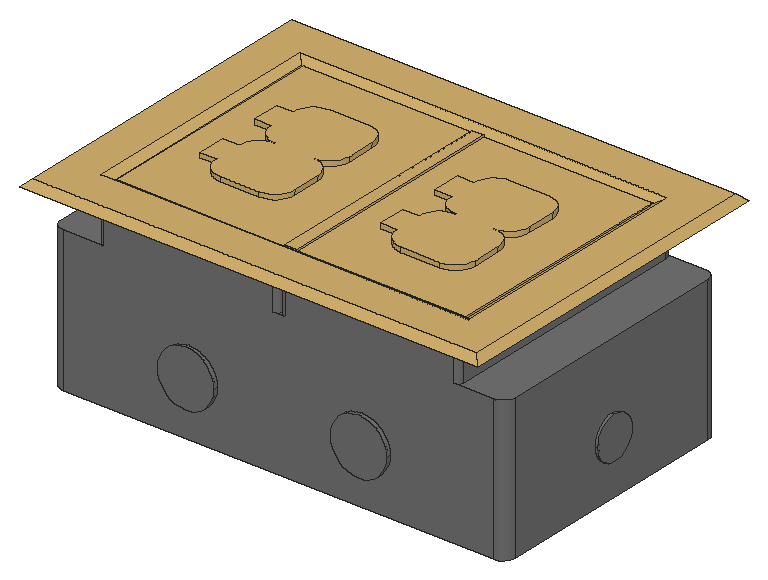
Revit family "Electrical_Equipment-Floor_Box-Hubbell_Wiring-2_Gang-Rectangular_Cast_Iron-B4233", category Electrical Fixtures, host Face, Revit 2015
Parameters (values of type "B423341 - 2 Gang - Brass Collar")
  Unit Height [instance] = 0' - 3 3/8"  # constant formula
  URL = "http://www.hubbell-wiring.com/"
  Right Cover Type [instance] = Covers : S3825 - Duplex Flap - Brass
  Product data url = "https://bimobject.com/hubbellwiring/product/systemone-b4233"
  Product Page URL = "http://ecatalog.hubbell-wiring.com/productinformation/viewcatalog.aspx?Dest=hubbell-wiring.com/press/catalog/L.pdf&Page=4"
  Product Documentation Link = "http://ecatalog.hubbell-wiring.com/press/catalog/L-12.pdf"
  Model = "B423341"
  Manufacturer = "Hubbell-Wiring"  # constant formula
  Left Cover Type [instance] = Covers : S3825 - Duplex Flap - Brass
  Floor Box Type = Cast Iron Concrete Floor Box : B423341 - Deep Concrete Floor Box
  Description = "Flush Rectangular Cast Iron Concrete Floor Box"  # constant formula
  Default Elevation = 0' - 0"
  Cover Accessory Type [instance] = Carpet Flange : SB3084 - Carpet Flange - Brass
  Construction Note [instance] = "Match Collar Material to Covers"  # constant formula
  Conduit Connector_6 Description = "Conduit 0.75in. Connection"
  Conduit Connector_5 Description = "Conduit 1.0in. Connection"
  Conduit Connector_4 Description = "Conduit 1.0in. Connection"
  Conduit Connector_3 Description = "Conduit 0.75in. Connection"
  Conduit Connector_2 Description = "Conduit 1.0in. Connection"
  Conduit Connector_1 Description = "Conduit 1.0in. Connection"
  Conduit Connector 2 Radius = 0' - 0 3/8"
  Conduit Connector 1 Radius = 0' - 0 1/2"
  Collar Material = Metal-Hubbell-Brass
  Box Material = Metal-Hubbell-Cast Iron
  Assembly Code = "D5020115"
Types (3): name | Right Cover Type | Model | Left Cover Type | Floor Box Type | Cover Accessory Type | Conduit Connector_5 Description | Conduit Connector_4 Description | Conduit Connector_2 Description | Conduit Connector_1 Description | Conduit Connector 1 Radius | Collar Material
  B4233 - 2 Gang - Brass Collar | Covers : S3825 - Duplex Flap - Brass | "B4233" | Covers : S3825 - Duplex Flap - Brass | Cast Iron Concrete Floor Box : B4233 - Deep Concrete Floor Box | Carpet Flange : SB3084 - Carpet Flange - Brass | "Conduit 0.75in. Connection" | "Conduit 0.75in. Connection" | "Conduit 0.75in. Connection" | "Conduit 0.75in. Connection" | 0' - 0 3/8" | Metal-Hubbell-Brass
  BA4233 - 2 Gang - Aluminum Collar | Covers : SA3825 - Duplex Flap - Aluminum | "BA4233" | Covers : SA3825 - Duplex Flap - Aluminum | Cast Iron Concrete Floor Box : BA4233 - Deep Concrete Floor Box | Carpet Flange : SA3084 - Carpet Flange - Aluminum | "Conduit 0.75in. Connection" | "Conduit 0.75in. Connection" | "Conduit 0.75in. Connection" | "Conduit 0.75in. Connection" | 0' - 0 3/8" | Metal-Hubbell-Aluminum
  B423341 - 2 Gang - Brass Collar | Covers : S3825 - Duplex Flap - Brass | "B423341" | Covers : S3825 - Duplex Flap - Brass | Cast Iron Concrete Floor Box : B423341 - Deep Concrete Floor Box | Carpet Flange : SB3084 - Carpet Flange - Brass | "Conduit 1.0in. Connection" | "Conduit 1.0in. Connection" | "Conduit 1.0in. Connection" | "Conduit 1.0in. Connection" | 0' - 0 1/2" | Metal-Hubbell-Brass
Reference planes (in)
  plane 1 "Center (Front/Back)": y = 0
  plane 2: z = 0
  plane 3 "Center (Left/Right)": x = 0
  plane 4: y = -2.078
  plane 5: y = 2.078
  plane 6: x = -3.09543
  plane 7: x = 3.10096
Forms (in)
  Extrusion 1, void, detail levels fine
    sketch origin (0, 0, 0) x (1, 0, 0) y (0, 1, 0)
      loop
        line (-3.09543, 2.078) -> (-3.09543, -2.078) -> (3.10096, -2.078) -> (3.10096, 2.078) -> (-3.09543, 2.078)
    from 0 to -3.14844
Lines and regions (in)
  symbolic lines
    curve 1: line (-4.06445, -3, 0) -> (4.06445, -3, 0)
    curve 2: line (-4.06445, 3, 0) -> (-4.06445, -3, 0)
    curve 3: line (4.06445, 3, 0) -> (-4.06445, 3, 0)
    curve 4: line (4.06445, -3, 0) -> (4.06445, 3, 0)
Dimensions and locks (in)
  locked: host face to nested 3 at 0.04297
  plane 5 to plane 1 "Center (Front/Back)" to plane 4 = 0' - 2.078" locked, 0' - 2.078" locked
  plane 6 to plane 3 "Center (Left/Right)" to plane 7 = 0' - 3.09543" locked, 0' - 3.10096" locked
  Extrusion 1 to plane 3 "Center (Left/Right)" = 0' - 3.09543"
  aligned and locked: plane 2 to host face
  aligned and locked: level to host face
  aligned: level to Extrusion 1
  aligned and locked: plane 1 "Center (Front/Back)" to nested 1
  aligned: plane 2 to nested 1  (x5)
  aligned: Extrusion 1 to nested 1  (x8)
  aligned and locked: plane 1 "Center (Front/Back)" to nested 2
  aligned and locked: plane 3 "Center (Left/Right)" to nested 2
  aligned and locked: plane 3 "Center (Left/Right)" to nested 1
  aligned: nested 2 to plane 2  (x2)
  aligned: nested 2 to Extrusion 1
  aligned: nested 1 to Extrusion 1
  aligned: Extrusion 1 to nested 2
  aligned and locked: nested 2 to plane 2
  aligned and locked: host face to Extrusion 1
  aligned: plane 3 "Center (Left/Right)" to nested 3
  aligned and locked: plane 1 "Center (Front/Back)" to nested 3
  aligned and locked: Extrusion 1 to plane 5
  aligned and locked: Extrusion 1 to plane 4
  aligned and locked: plane 6 to Extrusion 1
  aligned and locked: nested 1 to plane 2
  aligned and locked: nested 3 to nested 1
  aligned and locked: plane 1 "Center (Front/Back)" to nested 4
  aligned and locked: nested 4 to nested 1
  aligned and locked: nested 3 to nested 4
  aligned and locked: Extrusion 1 sketch curve to plane 7
  aligned and locked: curve 1 to nested 2
  aligned and locked: curve 2 to nested 2
  aligned and locked: curve 3 to nested 2
  aligned and locked: curve 4 to nested 2
Nested families (in)
  nested 1: "Cast Iron Concrete Floor Box" at (0, 0, -0.0625), Unit Height <- "Unit Height", type <- "Floor Box Type", type "B423341 - Deep Concrete Floor Box"
    with Unit Height 0' - 3 3/8"
  nested 2: "Carpet Flange" at (0, 0, 0), type <- "Cover Accessory Type", type "SB3084 - Carpet Flange - Brass"
  nested 3: "Covers" at (-1.59787, 0, -0.04297), type <- "Left Cover Type", type "S3825 - Duplex Flap - Brass"
  nested 4: "Covers" at (1.60446, 0, -0.04297), type <- "Right Cover Type", type "S3825 - Duplex Flap - Brass"
Connectors (in)
  cabletrayconduit at (-1.59787, -2.4075, -2.4375), diameter 1, driven by "Conduit Connector 1 Radius", driven by "Conduit Connector_1 Description"
    settings: on nested 1, index 1, connector width 1' - 0", connector height 1' - 0", connector angle 0.00°, system type 32, placement type 0, profile type 0, connector reference index -1, is primary connector yes, connector utility param no, connector description "Conduit 1.0in. Connection"
  cabletrayconduit at (1.47287, -2.4075, -2.4375), diameter 1, driven by "Conduit Connector 1 Radius", driven by "Conduit Connector_2 Description"
    settings: on nested 1, index 2, connector width 1' - 0", connector height 1' - 0", connector angle 0.00°, system type 32, placement type 0, profile type 0, connector reference index -1, is primary connector no, connector utility param no, connector description "Conduit 1.0in. Connection"
  cabletrayconduit at (4.0925, 0.00314, -2.4375), diameter 0.75, driven by "Conduit Connector 2 Radius", driven by "Conduit Connector_3 Description"
    settings: on nested 1, index 3, connector width 1' - 0", connector height 1' - 0", connector angle 0.00°, system type 32, placement type 0, profile type 0, connector reference index -1, is primary connector no, connector utility param no, connector description "Conduit 0.75in. Connection"
  cabletrayconduit at (1.47287, 2.4075, -2.4375), diameter 1, driven by "Conduit Connector 1 Radius", driven by "Conduit Connector_4 Description"
    settings: on nested 1, index 4, connector width 1' - 0", connector height 1' - 0", connector angle 0.00°, system type 32, placement type 0, profile type 0, connector reference index -1, is primary connector no, connector utility param no, connector description "Conduit 1.0in. Connection"
  cabletrayconduit at (-1.59787, 2.4075, -2.4375), diameter 1, driven by "Conduit Connector 1 Radius", driven by "Conduit Connector_5 Description"
    settings: on nested 1, index 5, connector width 1' - 0", connector height 1' - 0", connector angle 0.00°, system type 32, placement type 0, profile type 0, connector reference index -1, is primary connector no, connector utility param no, connector description "Conduit 1.0in. Connection"
  cabletrayconduit at (-4.0925, 0.00314, -2.4375), diameter 0.75, driven by "Conduit Connector 2 Radius", driven by "Conduit Connector_6 Description"
    settings: on nested 1, index 6, connector width 1' - 0", connector height 1' - 0", connector angle 0.00°, system type 32, placement type 0, profile type 0, connector reference index -1, is primary connector no, connector utility param no, connector description "Conduit 0.75in. Connection"
Definition of nested family "Cast Iron Concrete Floor Box"
  Parameters
    Unit Height [instance] = 0' - 3 3/8"  # constant formula
    Cover Material = none
    Conduit Connector Offset = 0' - 1"  # constant formula
    Conduit Connector 2 Radius = 0' - 0 3/8"
    Conduit Connector 1 Radius = 0' - 0 3/8"
    Can Material = none
    Assembly Code = ""
  Reference planes (in)
    plane 1 "Center (Front/Back)": y = 0
    plane 2: z = 0
    plane 3 "Center (Left/Right)": x = 0
    plane 4: z = -3.375
    plane 5: z = -2.375
    plane 6: z = -0.82416
    plane 7: x = -4.03
    plane 8: x = 4.03
    plane 9: x = -4.0925
    plane 10: x = 4.0925
    plane 11: x = -1.59787
    plane 12: x = 1.60446
  Forms (in)
    Extrusion 1, solid, material <- "Can Material"
      sketch origin (-1.59787, 0, 0) x (1, 0, 0) y (0, 0, -1)
        loop
          arc (-0.375, 2.375) -> (-0.26517, 2.10983) -> (0, 2) r 0.375
          arc (0, 2) -> (0.26517, 2.10983) -> (0.375, 2.375) r 0.375
          arc (0.375, 2.375) -> (0.26517, 2.64017) -> (0, 2.75) r 0.375
          arc (0, 2.75) -> (-0.26517, 2.64017) -> (-0.375, 2.375) r 0.375
      from -2.13518 to -2.4075
    Extrusion 2, solid, material <- "Can Material"
      sketch origin (-1.59787, 0, 0) x (1, 0, 0) y (0, 0, 1)
        loop
          arc (-0.375, -2.375) -> (-0.26517, -2.64017) -> (0, -2.75) r 0.375
          arc (0, -2.75) -> (0.26517, -2.64017) -> (0.375, -2.375) r 0.375
          arc (0.375, -2.375) -> (0.26517, -2.10983) -> (0, -2) r 0.375
          arc (0, -2) -> (-0.26517, -2.10983) -> (-0.375, -2.375) r 0.375
      from -2.345 to -2.4075
    Extrusion 3, solid, material <- "Can Material"
      sketch origin (0.07413, -0.00392, 0) x (0, 1, 0) y (0, 0, -1)
        loop
          arc (-0.625, 2.375) -> (-0.51517, 2.10983) -> (-0.25, 2) r 0.375
          arc (-0.25, 2) -> (0.01517, 2.10983) -> (0.125, 2.375) r 0.375
          arc (0.125, 2.375) -> (0.01517, 2.64017) -> (-0.25, 2.75) r 0.375
          arc (-0.25, 2.75) -> (-0.51517, 2.64017) -> (-0.625, 2.375) r 0.375
      from -2.26893 to -2.33143
    Extrusion 4, solid, material <- "Can Material"
      sketch origin (0, 0, 0) x (0, 1, 0) y (0, 0, 1)
        loop
          arc (-0.375, -2.375) -> (-0.26517, -2.64017) -> (0, -2.75) r 0.375
          arc (0, -2.75) -> (0.26517, -2.64017) -> (0.375, -2.375) r 0.375
          arc (0.375, -2.375) -> (0.26517, -2.10983) -> (0, -2) r 0.375
          arc (0, -2) -> (-0.26517, -2.10983) -> (-0.375, -2.375) r 0.375
      from -4.03 to -2.40944
    Extrusion 5, solid, material <- "Can Material"
      sketch origin (0.92025, 0.30752, 7.9375) x (1, 0, 0) y (0, 1, 0)
        loop
          arc (-4.74043, 2.03748) -> (-4.8888, 1.97602) -> (-4.95025, 1.82766) r 0.20982
          line (-4.95025, 1.82766) -> (-4.95025, -2.43885)
          arc (-4.95025, -2.43885) -> (-4.88955, -2.5854) -> (-4.74301, -2.6461) r 0.20725
          line (-4.74301, -2.6461) -> (2.89336, -2.6461)
          arc (2.89336, -2.6461) -> (3.04637, -2.58272) -> (3.10975, -2.42971) r 0.21639
          line (3.10975, -2.42971) -> (3.10975, 1.83391)
          arc (3.10975, 1.83391) -> (3.05013, 1.97785) -> (2.90618, 2.03748) r 0.20357
          line (2.90618, 2.03748) -> (-4.74043, 2.03748)
      from -11.3125 to -8.76166
    Extrusion 6, solid, material <- "Cover Material"
      sketch origin (-1.59787, 0, 0.22509) x (1, 0, 0) y (0, 1, 0)
        loop
          line (-1.4965, 2.078) -> (-1.4965, -2.078) -> (1.4965, -2.078) -> (1.4965, 2.078) -> (-1.4965, 2.078)
        loop
          arc (-1.49742, 2.345) -> (-1.57311, 2.31365) -> (-1.60446, 2.23796) r 0.10704
          line (-1.60446, 2.23796) -> (-1.60446, -2.23167)
          arc (-1.60446, -2.23167) -> (-1.57315, -2.30726) -> (-1.49756, -2.33857) r 0.1069
          line (-1.49756, -2.33857) -> (1.49823, -2.33857)
          arc (1.49823, -2.33857) -> (1.56869, -2.30939) -> (1.59787, -2.23893) r 0.09964
          line (1.59787, -2.23893) -> (1.59787, 2.24543)
          arc (1.59787, 2.24543) -> (1.56871, 2.31584) -> (1.4983, 2.345) r 0.09957
          line (1.4983, 2.345) -> (-1.49742, 2.345)
      from -0.39425 to -0.22509
    Extrusion 7, solid, material <- "Cover Material"
      sketch origin (-1.59787, 0, 0) x (1, 0, 0) y (0, 1, 0)
        loop
          arc (-1.49742, 2.345) -> (-1.57311, 2.31365) -> (-1.60446, 2.23796) r 0.10704
          line (-1.60446, 2.23796) -> (-1.60446, -2.23167)
          arc (-1.60446, -2.23167) -> (-1.57315, -2.30726) -> (-1.49756, -2.33857) r 0.1069
          line (-1.49756, -2.33857) -> (1.49823, -2.33857)
          arc (1.49823, -2.33857) -> (1.56869, -2.30939) -> (1.59787, -2.23893) r 0.09964
          line (1.59787, -2.23893) -> (1.59787, 2.24543)
          arc (1.59787, 2.24543) -> (1.56871, 2.31584) -> (1.4983, 2.345) r 0.09957
          line (1.4983, 2.345) -> (-1.49742, 2.345)
        loop
          line (-1.4965, 2.078) -> (-1.4965, -2.078) -> (1.4965, -2.078) -> (1.4965, 2.078) -> (-1.4965, 2.078)
      from 0 to 0.0625
    Extrusion 8, solid, material <- "Can Material"
      sketch origin (1.60446, 0, 7.9375) x (1, 0, 0) y (0, 1, 0)
        loop
          line (-1.4965, 2.078) -> (-1.4965, -2.078) -> (1.4965, -2.078) -> (1.4965, 2.078) -> (-1.4965, 2.078)
        loop
          line (-1.59616, 2.23796) -> (-1.59616, -2.23167)
          arc (-1.59616, -2.23167) -> (-1.56485, -2.30726) -> (-1.48926, -2.33857) r 0.1069
          line (-1.48926, -2.33857) -> (1.49823, -2.33857)
          arc (1.49823, -2.33857) -> (1.56869, -2.30939) -> (1.59787, -2.23893) r 0.09964
          line (1.59787, -2.23893) -> (1.59787, 2.24543)
          arc (1.59787, 2.24543) -> (1.56871, 2.31584) -> (1.4983, 2.345) r 0.09957
          line (1.4983, 2.345) -> (-1.48911, 2.345)
          arc (-1.48911, 2.345) -> (-1.5648, 2.31365) -> (-1.59616, 2.23796) r 0.10704
      from -8.76166 to -8.10666
    Extrusion 9, solid, material <- "Can Material"
      sketch origin (-0.00314, 0.00314, 0) x (0, 1, 0) y (0, 0, 1)
        loop
          arc (-0.375, -2.375) -> (-0.26517, -2.64017) -> (0, -2.75) r 0.375
          arc (0, -2.75) -> (0.26517, -2.64017) -> (0.375, -2.375) r 0.375
          arc (0.375, -2.375) -> (0.26517, -2.10983) -> (0, -2) r 0.375
          arc (0, -2) -> (-0.26517, -2.10983) -> (-0.375, -2.375) r 0.375
      from -4.02686 to -4.08936
    Extrusion 10, solid, material <- "Can Material"
      sketch origin (0.00314, 0.00314, 0) x (0, 1, 0) y (0, 0, -1)
        loop
          arc (-0.375, 2.375) -> (-0.26517, 2.10983) -> (0, 2) r 0.375
          arc (0, 2) -> (0.26517, 2.10983) -> (0.375, 2.375) r 0.375
          arc (0.375, 2.375) -> (0.26517, 2.64017) -> (0, 2.75) r 0.375
          arc (0, 2.75) -> (-0.26517, 2.64017) -> (-0.375, 2.375) r 0.375
      from -4.02686 to -4.08936
    Extrusion 11, solid, material <- "Can Material"
      sketch origin (1.59787, 0, 0) x (-1, 0, 0) y (0, 0, 1)
        loop
          arc (-0.375, -2.375) -> (-0.26517, -2.64017) -> (0, -2.75) r 0.375
          arc (0, -2.75) -> (0.26517, -2.64017) -> (0.375, -2.375) r 0.375
          arc (0.375, -2.375) -> (0.26517, -2.10983) -> (0, -2) r 0.375
          arc (0, -2) -> (-0.26517, -2.10983) -> (-0.375, -2.375) r 0.375
      from -2.13518 to -2.4075
    Extrusion 12, solid, material <- "Can Material"
      sketch origin (1.59787, 0, 0) x (-1, 0, 0) y (0, 0, -1)
        loop
          arc (-0.375, 2.375) -> (-0.26517, 2.10983) -> (0, 2) r 0.375
          arc (0, 2) -> (0.26517, 2.10983) -> (0.375, 2.375) r 0.375
          arc (0.375, 2.375) -> (0.26517, 2.64017) -> (0, 2.75) r 0.375
          arc (0, 2.75) -> (-0.26517, 2.64017) -> (-0.375, 2.375) r 0.375
      from -2.345 to -2.4075
    Extrusion 13, solid, material <- "Can Material"
      sketch origin (-1.60446, 0, 7.9375) x (-1, 0, 0) y (0, -1, 0)
        loop
          line (-1.4965, -2.078) -> (1.4965, -2.078) -> (1.4965, 2.078) -> (-1.4965, 2.078) -> (-1.4965, -2.078)
        loop
          arc (-1.59616, -2.23796) -> (-1.5648, -2.31365) -> (-1.48911, -2.345) r 0.10704
          line (-1.48911, -2.345) -> (1.4983, -2.345)
          arc (1.4983, -2.345) -> (1.56871, -2.31584) -> (1.59787, -2.24543) r 0.09957
          line (1.59787, -2.24543) -> (1.59787, 2.23893)
          arc (1.59787, 2.23893) -> (1.56869, 2.30939) -> (1.49823, 2.33857) r 0.09964
          line (1.49823, 2.33857) -> (-1.48926, 2.33857)
          arc (-1.48926, 2.33857) -> (-1.56485, 2.30726) -> (-1.59616, 2.23167) r 0.1069
          line (-1.59616, 2.23167) -> (-1.59616, -2.23796)
      from -8.76166 to -8.10666
    Extrusion 14, solid, material <- "Cover Material"
      sketch origin (1.60446, 0, 0.22509) x (1, 0, 0) y (0, 1, 0)
        loop
          line (-1.4965, 2.078) -> (-1.4965, -2.078) -> (1.4965, -2.078) -> (1.4965, 2.078) -> (-1.4965, 2.078)
        loop
          arc (-1.49742, 2.345) -> (-1.57311, 2.31365) -> (-1.60446, 2.23796) r 0.10704
          line (-1.60446, 2.23796) -> (-1.60446, -2.23167)
          arc (-1.60446, -2.23167) -> (-1.57315, -2.30726) -> (-1.49756, -2.33857) r 0.1069
          line (-1.49756, -2.33857) -> (1.49823, -2.33857)
          arc (1.49823, -2.33857) -> (1.56869, -2.30939) -> (1.59787, -2.23893) r 0.09964
          line (1.59787, -2.23893) -> (1.59787, 2.24543)
          arc (1.59787, 2.24543) -> (1.56871, 2.31584) -> (1.4983, 2.345) r 0.09957
          line (1.4983, 2.345) -> (-1.49742, 2.345)
      from -0.39425 to -0.22509
    Extrusion 15, solid, material <- "Cover Material"
      sketch origin (1.60446, 0, 0) x (1, 0, 0) y (0, 1, 0)
        loop
          arc (-1.49742, 2.345) -> (-1.57311, 2.31365) -> (-1.60446, 2.23796) r 0.10704
          line (-1.60446, 2.23796) -> (-1.60446, -2.23167)
          arc (-1.60446, -2.23167) -> (-1.57315, -2.30726) -> (-1.49756, -2.33857) r 0.1069
          line (-1.49756, -2.33857) -> (1.49823, -2.33857)
          arc (1.49823, -2.33857) -> (1.56869, -2.30939) -> (1.59787, -2.23893) r 0.09964
          line (1.59787, -2.23893) -> (1.59787, 2.24543)
          arc (1.59787, 2.24543) -> (1.56871, 2.31584) -> (1.4983, 2.345) r 0.09957
          line (1.4983, 2.345) -> (-1.49742, 2.345)
        loop
          line (-1.4965, 2.078) -> (-1.4965, -2.078) -> (1.4965, -2.078) -> (1.4965, 2.078) -> (-1.4965, 2.078)
      from 0 to 0.0625
    Extrusion 16, solid, material <- "Cover Material"
      sketch origin (0, 0, 0) x (1, 0, 0) y (0, 1, 0)
        loop
          line (-0.10796, 2.078) -> (-0.10796, -2.078) -> (0.10796, -2.078) -> (0.10796, 2.078) -> (-0.10796, 2.078)
      from 0.0625 to 0.125
  Cuts and joins
    joined: Extrusion 1, Extrusion 2, Extrusion 3, Extrusion 4, Extrusion 5, Extrusion 8, Extrusion 9, Extrusion 10, Extrusion 11, Extrusion 12, Extrusion 13
    joined: Extrusion 6, Extrusion 7, Extrusion 16
    joined: Extrusion 14, Extrusion 15
  Dimensions and locks (in)
    "Conduit Connector Offset": plane 5 to plane 4
    "Unit Height": level to plane 4
    locked: plane 9 to plane 7 at 0.0625
    plane 7 to plane 8 = 0' - 8.06"
    equal spacing: plane 7, plane 3 "Center (Left/Right)", plane 8
    locked: plane 8 to plane 10 at 0.0625
    "Conduit Connector 1 Radius": radius of Extrusion 1 sketch curve
    "Conduit Connector 1 Radius": radius of Extrusion 2 sketch curve
    "Conduit Connector 1 Radius": radius of Extrusion 3 sketch curve
    "Conduit Connector 1 Radius": radius of Extrusion 4 sketch curve
    "Conduit Connector 2 Radius": radius of Extrusion 9 sketch curve
    "Conduit Connector 2 Radius": radius of Extrusion 10 sketch curve
    "Conduit Connector 1 Radius": radius of Extrusion 11 sketch curve
    "Conduit Connector 1 Radius": radius of Extrusion 12 sketch curve
    aligned and locked: plane 2 to level
    aligned: cut or joined group 1 (Extrusion 1, Extrusion 2, Extrusion 3, Extrusion 4, Extrusion 5, Extrusion 8, Extrusion 9, Extrusion 10, Extrusion 11, Extrusion 12, Extrusion 13) to cut or joined group 1  (x5)
    aligned: Extrusion 5 to cut or joined group 1
    aligned: plane 4 to Extrusion 5
    aligned: cut or joined group 1 to plane 4  (x5)
    aligned and locked: cut or joined group 1 to plane 4
    aligned: plane 5 to Extrusion 5
    aligned: plane 5 to cut or joined group 1
    aligned and locked: cut or joined group 1 to cut or joined group 1
    aligned and locked: plane 8 to Extrusion 5 sketch curve
    aligned and locked: plane 7 to Extrusion 5 sketch curve
    aligned and locked: plane 7 to Extrusion 9
    aligned and locked: Extrusion 9 to plane 9
    aligned and locked: plane 8 to Extrusion 10
    aligned and locked: Extrusion 10 to plane 10
    aligned and locked: plane 11 to cut or joined group 1  (x2)
  Automatic sketch dimensions
    Extrusion 1 sketch curve to Extrusion 1 sketch curve = 0' - 0"
    Extrusion 1 sketch curve to plane 5 = 0' - 0"
    plane 11 to Extrusion 1 sketch curve = 0' - 0"
    Extrusion 2 sketch curve to Extrusion 2 sketch curve = 0' - 0"
    Extrusion 2 sketch curve to plane 5 = 0' - 0"
    plane 11 to Extrusion 2 sketch curve = 0' - 0"
    Extrusion 3 sketch curve to Extrusion 3 sketch curve = 0' - 0"
    Extrusion 3 sketch curve to plane 5 = 0' - 0"
    plane 1 "Center (Front/Back)" to Extrusion 3 sketch curve = 0' - 0 161/256"
    Extrusion 4 sketch curve to Extrusion 4 sketch curve = 0' - 0"
    Extrusion 4 sketch curve to plane 5 = 0' - 0"
    Extrusion 4 sketch curve to plane 1 "Center (Front/Back)" = 0' - 0"
    plane 7 to Extrusion 5 sketch curve = 0' - 0.20725"
    plane 7 to Extrusion 5 sketch curve = 0' - 0.20982"
    plane 8 to Extrusion 5 sketch curve = 0' - 0.21639"
    plane 8 to Extrusion 5 sketch curve = 0' - 0.20357"
    plane 1 "Center (Front/Back)" to Extrusion 5 sketch curve = 0' - 2.33857"
    Extrusion 5 sketch curve to plane 1 "Center (Front/Back)" = 0' - 2.13518"
    Extrusion 6 sketch curve to plane 3 "Center (Left/Right)" = 0' - 0"
    Extrusion 6 sketch curve to plane 3 "Center (Left/Right)" = 0' - 0.09957"
    Extrusion 6 sketch curve to plane 3 "Center (Left/Right)" = 0' - 0.09964"
    Extrusion 6 sketch curve to plane 3 "Center (Left/Right)" = 0' - 0.10137"
    plane 7 to Extrusion 6 sketch curve = 0' - 0.93563"
    Extrusion 6 sketch curve to Extrusion 6 sketch curve = 0' - 0.00092"
    Extrusion 6 sketch curve to Extrusion 6 sketch curve = 0' - 0.00106"
    Extrusion 6 sketch curve to Extrusion 6 sketch curve = 0' - 0.1069"
    plane 1 "Center (Front/Back)" to Extrusion 6 sketch curve = 0' - 2.33857"
    Extrusion 6 sketch curve to Extrusion 6 sketch curve = 0' - 0.16093"
    Extrusion 6 sketch curve to plane 1 "Center (Front/Back)" = 0' - 2.078"
    Extrusion 6 sketch curve to Extrusion 6 sketch curve = 0' - 0.15996"
    Extrusion 7 sketch curve to plane 3 "Center (Left/Right)" = 0' - 0"
    Extrusion 7 sketch curve to plane 3 "Center (Left/Right)" = 0' - 0.09957"
    Extrusion 7 sketch curve to plane 3 "Center (Left/Right)" = 0' - 0.09964"
    Extrusion 7 sketch curve to plane 3 "Center (Left/Right)" = 0' - 0.10137"
    plane 7 to Extrusion 7 sketch curve = 0' - 0.93563"
    Extrusion 7 sketch curve to Extrusion 7 sketch curve = 0' - 0.00092"
    Extrusion 7 sketch curve to Extrusion 7 sketch curve = 0' - 0.00106"
    Extrusion 7 sketch curve to Extrusion 7 sketch curve = 0' - 0.10704"
    plane 1 "Center (Front/Back)" to Extrusion 7 sketch curve = 0' - 2.33857"
    Extrusion 7 sketch curve to Extrusion 7 sketch curve = 0' - 0.15367"
    Extrusion 7 sketch curve to plane 1 "Center (Front/Back)" = 0' - 2.078"
    Extrusion 7 sketch curve to Extrusion 7 sketch curve = 0' - 0.15996"
    plane 3 "Center (Left/Right)" to Extrusion 8 sketch curve = 0' - 0.0083"
    plane 3 "Center (Left/Right)" to Extrusion 8 sketch curve = 0' - 0.10796"
    plane 3 "Center (Left/Right)" to Extrusion 8 sketch curve = 0' - 0.1152"
    Extrusion 8 sketch curve to Extrusion 8 sketch curve = 0' - 0.10704"
    plane 8 to Extrusion 8 sketch curve = 0' - 0.92904"
    Extrusion 8 sketch curve to Extrusion 8 sketch curve = 0' - 0.00173"
    Extrusion 8 sketch curve to Extrusion 8 sketch curve = 0' - 0.0018"
    Extrusion 8 sketch curve to Extrusion 8 sketch curve = 0' - 0.09957"
    plane 1 "Center (Front/Back)" to Extrusion 8 sketch curve = 0' - 2.33857"
    Extrusion 8 sketch curve to Extrusion 8 sketch curve = 0' - 0.15367"
    Extrusion 8 sketch curve to plane 1 "Center (Front/Back)" = 0' - 2.078"
    Extrusion 8 sketch curve to Extrusion 8 sketch curve = 0' - 0.15996"
    Extrusion 9 sketch curve to Extrusion 9 sketch curve = 0' - 0"
    Extrusion 9 sketch curve to plane 5 = 0' - 0"
    plane 1 "Center (Front/Back)" to Extrusion 9 sketch curve = 0' - 0.37186"
    Extrusion 10 sketch curve to Extrusion 10 sketch curve = 0' - 0"
    Extrusion 10 sketch curve to plane 5 = 0' - 0"
    plane 1 "Center (Front/Back)" to Extrusion 10 sketch curve = 0' - 0.37186"
    Extrusion 11 sketch curve to Extrusion 11 sketch curve = 0' - 0"
    Extrusion 11 sketch curve to plane 5 = 0' - 0"
    Extrusion 11 sketch curve to plane 12 = 0' - 0.36841"
    Extrusion 12 sketch curve to Extrusion 12 sketch curve = 0' - 0"
    Extrusion 12 sketch curve to plane 5 = 0' - 0"
    Extrusion 12 sketch curve to plane 12 = 0' - 0.36841"
    Extrusion 13 sketch curve to plane 3 "Center (Left/Right)" = 0' - 0.0083"
    Extrusion 13 sketch curve to plane 3 "Center (Left/Right)" = 0' - 0.10796"
    Extrusion 13 sketch curve to plane 3 "Center (Left/Right)" = 0' - 0.1152"
    Extrusion 13 sketch curve to Extrusion 13 sketch curve = 0' - 0.10704"
    plane 7 to Extrusion 13 sketch curve = 0' - 0.92904"
    Extrusion 13 sketch curve to Extrusion 13 sketch curve = 0' - 0.00173"
    Extrusion 13 sketch curve to Extrusion 13 sketch curve = 0' - 0.0018"
    Extrusion 13 sketch curve to Extrusion 13 sketch curve = 0' - 0.09957"
    Extrusion 13 sketch curve to plane 1 "Center (Front/Back)" = 0' - 2.345"
    Extrusion 13 sketch curve to Extrusion 13 sketch curve = 0' - 0.16743"
    plane 1 "Center (Front/Back)" to Extrusion 13 sketch curve = 0' - 2.078"
    Extrusion 13 sketch curve to Extrusion 13 sketch curve = 0' - 0.15367"
    Extrusion 14 sketch curve to plane 3 "Center (Left/Right)" = 0' - 0"
    plane 3 "Center (Left/Right)" to Extrusion 14 sketch curve = 0' - 0.1069"
    plane 3 "Center (Left/Right)" to Extrusion 14 sketch curve = 0' - 0.10704"
    plane 3 "Center (Left/Right)" to Extrusion 14 sketch curve = 0' - 0.10796"
    plane 8 to Extrusion 14 sketch curve = 0' - 0.92904"
    Extrusion 14 sketch curve to Extrusion 14 sketch curve = 0' - 0.00173"
    Extrusion 14 sketch curve to Extrusion 14 sketch curve = 0' - 0.0018"
    Extrusion 14 sketch curve to Extrusion 14 sketch curve = 0' - 0.09964"
    plane 1 "Center (Front/Back)" to Extrusion 14 sketch curve = 0' - 2.33857"
    Extrusion 14 sketch curve to Extrusion 14 sketch curve = 0' - 0.16093"
    Extrusion 14 sketch curve to plane 1 "Center (Front/Back)" = 0' - 2.078"
    Extrusion 14 sketch curve to Extrusion 14 sketch curve = 0' - 0.15996"
    Extrusion 15 sketch curve to plane 3 "Center (Left/Right)" = 0' - 0"
    Extrusion 15 sketch curve to Extrusion 15 sketch curve = 0' - 0.1069"
    Extrusion 15 sketch curve to Extrusion 15 sketch curve = 0' - 0.10704"
    plane 3 "Center (Left/Right)" to Extrusion 15 sketch curve = 0' - 0.10796"
    plane 8 to Extrusion 15 sketch curve = 0' - 0.92904"
    Extrusion 15 sketch curve to Extrusion 15 sketch curve = 0' - 0.00173"
    Extrusion 15 sketch curve to Extrusion 15 sketch curve = 0' - 0.0018"
    Extrusion 15 sketch curve to Extrusion 15 sketch curve = 0' - 0.09957"
    plane 1 "Center (Front/Back)" to Extrusion 15 sketch curve = 0' - 2.33857"
    Extrusion 15 sketch curve to Extrusion 15 sketch curve = 0' - 0.15367"
    Extrusion 15 sketch curve to plane 1 "Center (Front/Back)" = 0' - 2.078"
    Extrusion 15 sketch curve to Extrusion 15 sketch curve = 0' - 0.15996"
    Extrusion 16 sketch curve to plane 3 "Center (Left/Right)" = 0' - 0.10796"
    plane 3 "Center (Left/Right)" to Extrusion 16 sketch curve = 0' - 0.10796"
    plane 1 "Center (Front/Back)" to Extrusion 16 sketch curve = 0' - 2.078"
    Extrusion 16 sketch curve to plane 1 "Center (Front/Back)" = 0' - 2.078"
Definition of nested family "Carpet Flange"
  Parameters
    Width = 0' - 6"
    Length = 0' - 8 33/256"  # constant formula
    Cover Material = none
    Carpet Flange On = yes
    Assembly Code = ""
  Reference planes (in)
    plane 1 "Center (Front/Back)": y = 0
    plane 2: z = 0
    plane 3 "Center (Left/Right)": x = 0
    plane 4: z = 0.125
  Forms (in)
    Sweep 1, solid, material <- "Cover Material", visible <- "Carpet Flange On"
      path in 3D
        loop
          line (-4.06445, -3, 0) -> (4.06445, -3, 0) -> (4.06445, 3, 0) -> (-4.06445, 3, 0) -> (-4.06445, -3, 0)
      profile origin (-4.06445, 0, 0) x (1, 0, 0) y (0, 0, 1)
        loop
          line (0, 0) -> (0.94094, 0) -> (0.94094, 0.03877) -> (0.79, 0.125) -> (0.125, 0.125) -> (0, 0)
  Lines and regions (in)
    Masking region 1
      outline origin (3.27995, 0.00006, 0) x (1, 0, 0) y (0, 1, 0)
        loop
          line (-7.3444, 3.00006) -> (-7.3444, -3.00006) -> (0.7845, -3.00006) -> (0.7845, 3.00006) -> (-7.3444, 3.00006)
    reference lines
      curve 1: line (-4.06445, 3, 0) -> (-4.06445, -3, 0)
      curve 2: line (-4.06445, -3, 0) -> (4.06445, -3, 0)
      curve 3: line (4.06445, -3, 0) -> (4.06445, 3, 0)
      curve 4: line (4.06445, 3, 0) -> (-4.06445, 3, 0)
    sketch lines
      curve 5: line (-4.06445, 3, 0) -> (-4.06445, -3, 0)
      curve 6: line (4.06445, 3, 0) -> (-4.06445, 3, 0)
      curve 7: line (4.06445, -3, 0) -> (4.06445, 3, 0)
      curve 8: line (-4.06445, -3, 0) -> (4.06445, -3, 0)
  Dimensions and locks (in)
    "Length": curve 1 to curve 3
    equal spacing: curve 1, plane 3 "Center (Left/Right)", curve 3
    aligned and locked: plane 2 to level
    aligned and locked: curve 7 to curve 3
    aligned and locked: Masking region 1 to curve 3
    aligned and locked: Masking region 1 to curve 1
    aligned and locked: curve 5 to curve 1
  Automatic sketch dimensions
    plane 1 "Center (Front/Back)" to curve 1 = 0' - 3"
    curve 3 to plane 1 "Center (Front/Back)" = 0' - 3"
    Masking region 1 sketch curve to plane 3 "Center (Left/Right)" = 0' - 4.06445"
    plane 3 "Center (Left/Right)" to Masking region 1 sketch curve = 0' - 4.06445"
    plane 1 "Center (Front/Back)" to Masking region 1 sketch curve = 0' - 3"
    Masking region 1 sketch curve to plane 1 "Center (Front/Back)" = 0' - 3.00011"
    profile plane to Sweep 1 sketch curve = 0' - 0"
    Sweep 1 sketch curve to plane 4 = 0' - 0"
    Sweep 1 sketch curve to profile plane = 0' - 0"
    Sweep 1 sketch curve to profile plane = 0' - 0 1/8"
    Sweep 1 sketch curve to Sweep 1 sketch curve = 0' - 0.665"
    Sweep 1 sketch curve to Sweep 1 sketch curve = 0' - 0.15094"
    profile plane to Sweep 1 sketch curve = 0' - 0.03877"
Definition of nested family "Covers"
  Parameters
    Style Line Flap = no
    Duplex Screw = no
    Duplex Flap = yes
    Cover Material = none
    Combination Flap = no
    Box = yes
    Assembly Code = ""
  Reference planes (in)
    plane 1 "Center (Front/Back)": y = 0
    plane 2: z = 0
    plane 3 "Center (Left/Right)": x = 0
  Forms (in)
    Extrusion 1, solid, material <- "Cover Material", visible <- "Duplex Flap", detail levels medium+fine
      sketch origin (0, 0, -0.03016) x (1, 0, 0) y (0, 1, 0)
        loop
          arc (-0.34332, 1.20711) -> (-0.59332, 1.10355) -> (-0.69687, 0.85355) r 0.35355
          line (-0.69687, 0.85355) -> (-0.98976, 0.85355) -> (-0.98976, 0.35355) -> (-0.69687, 0.35355)
          arc (-0.69687, 0.35355) -> (-0.59332, 0.10355) -> (-0.34332, 0) r 0.35355
          arc (-0.34332, 0) -> (-0.59332, -0.10355) -> (-0.69687, -0.35355) r 0.35355
          line (-0.69687, -0.35355) -> (-0.98976, -0.35355) -> (-0.98976, -0.85355) -> (-0.69687, -0.85355)
          arc (-0.69687, -0.85355) -> (-0.59332, -1.10355) -> (-0.34332, -1.20711) r 0.35355
          line (-0.34332, -1.20711) -> (0.34332, -1.20711)
          arc (0.34332, -1.20711) -> (0.59332, -1.10355) -> (0.69687, -0.85355) r 0.35355
          line (0.69687, -0.85355) -> (0.69687, -0.35355)
          arc (0.69687, -0.35355) -> (0.59332, -0.10355) -> (0.34332, 0) r 0.35355
          arc (0.34332, 0) -> (0.59332, 0.10355) -> (0.69687, 0.35355) r 0.35355
          line (0.69687, 0.35355) -> (0.69687, 0.85355)
          arc (0.69687, 0.85355) -> (0.59332, 1.10355) -> (0.34332, 1.20711) r 0.35355
          line (0.34332, 1.20711) -> (-0.34332, 1.20711)
      from 0.12 to 0.20228
    Extrusion 2, solid, material <- "Cover Material", visible <- "Combination Flap", detail levels medium+fine
      sketch origin (0.0053, 0, -0.03016) x (1, 0, 0) y (0, 1, 0)
        loop
          circle (0, 0) r 1
        loop
          line (-0.08565, 0.54465) -> (-0.08565, -0.54465) -> (0.0625, -0.54465) -> (0.0625, 0.54465) -> (-0.08565, 0.54465)
      from 0.12 to 0.20228
    Extrusion 3, solid, material <- "Cover Material", visible <- "Duplex Screw", detail levels medium+fine
      sketch origin (0.01567, 0.75003, -0.03016) x (1, 0, 0) y (0, 1, 0)
        loop
          circle (-0.01567, -0.00003) r 0.75
        loop
          line (-0.07309, 0.39733) -> (-0.07309, -0.41965) -> (0.0625, -0.41965) -> (0.0625, 0.39733) -> (-0.07309, 0.39733)
      from 0.12 to 0.20228
    Extrusion 4, solid, material <- "Cover Material", visible <- "Duplex Screw", detail levels medium+fine
      sketch origin (-0.01567, -0.75003, -0.03016) x (-1, 0, 0) y (0, -1, 0)
        loop
          circle (-0.01567, -0.00003) r 0.75
        loop
          line (-0.07309, 0.39733) -> (-0.07309, -0.41965) -> (0.0625, -0.41965) -> (0.0625, 0.39733) -> (-0.07309, 0.39733)
      from 0.12 to 0.20228
    Extrusion 5, solid, material <- "Cover Material", visible <- "Box"
      sketch origin (0, 0, 0.38984) x (1, 0, 0) y (0, 1, 0)
        loop
          line (-1.4965, 2.078) -> (-1.4965, -2.078) -> (1.4965, -2.078) -> (1.4965, 2.078) -> (-1.4965, 2.078)
      from -0.44 to -0.3
    Extrusion 6, solid, material <- "Cover Material", visible <- "Style Line Flap", detail levels medium+fine
      sketch origin (0, 0, -0.03016) x (1, 0, 0) y (0, 1, 0)
        loop
          line (-0.69687, 1.20711) -> (-0.69687, 0.85355) -> (-0.98976, 0.85355) -> (-0.98976, 0.35355) -> (-0.69687, 0.35355) -> (-0.69687, -0.35355) -> (-0.98976, -0.35355) -> (-0.98976, -0.85355) -> (-0.69687, -0.85355) -> (-0.69687, -1.20711) -> (0.69687, -1.20711) -> (0.69687, -0.24767) -> (0.69687, 1.20711) -> (-0.69687, 1.20711)
      from 0.12 to 0.20228
  Lines and regions (in)
    Masking region 1, detail levels medium+fine
      outline origin (0, 0, 0) x (1, 0, 0) y (0, 1, 0)
        loop
          line (-1.4965, 2.078) -> (-1.4965, -2.078) -> (1.4965, -2.078) -> (1.4965, 2.078) -> (-1.4965, 2.078)
    symbolic lines, visible <- "Duplex Screw", detail levels fine
      curve 1: arc (0, 1.5, 0) -> (-0.75, 0.75, 0) -> (0, 0, 0) r 0.75
      curve 2: arc (0, 0, 0) -> (0.75, 0.75, 0) -> (0, 1.5, 0) r 0.75
      curve 3: line (0.07893, 1.16886, 0) -> (0.07893, 0.35188, 0)
      curve 4: line (0.07893, 0.35188, 0) -> (-0.05666, 0.35188, 0)
      curve 5: line (-0.05666, 0.35188, 0) -> (-0.05666, 1.16886, 0)
      curve 6: line (-0.05666, 1.16886, 0) -> (0.07893, 1.16886, 0)
      curve 7: arc (0, 0, 0) -> (-0.75, -0.75, 0) -> (0, -1.5, 0) r 0.75
      curve 8: arc (0, -1.5, 0) -> (0.75, -0.75, 0) -> (0, 0, 0) r 0.75
      curve 9: line (-0.05666, -1.14812, 0) -> (-0.05666, -0.33114, 0)
      curve 10: line (0.07893, -1.14812, 0) -> (-0.05666, -1.14812, 0)
      curve 11: line (0.07893, -0.33114, 0) -> (0.07893, -1.14812, 0)
      curve 12: line (-0.05666, -0.33114, 0) -> (0.07893, -0.33114, 0)
    symbolic lines, visible <- "Duplex Flap", detail levels fine
      curve 13: arc (-0.69687, -0.85355, 0) -> (-0.59332, -1.10355, 0) -> (-0.34332, -1.20711, 0) r 0.35355
      curve 14: line (-0.34332, -1.20711, 0) -> (0.34332, -1.20711, 0)
      curve 15: arc (0.34332, -1.20711, 0) -> (0.59332, -1.10355, 0) -> (0.69687, -0.85355, 0) r 0.35355
      curve 16: line (0.69687, -0.85355, 0) -> (0.69687, -0.35355, 0)
      curve 17: arc (0.69687, -0.35355, 0) -> (0.59332, -0.10355, 0) -> (0.34332, 0, 0) r 0.35355
      curve 18: arc (0.34332, 0, 0) -> (0.59332, 0.10355, 0) -> (0.69687, 0.35355, 0) r 0.35355
      curve 19: line (0.69687, 0.35355, 0) -> (0.69687, 0.85355, 0)
      curve 20: arc (0.69687, 0.85355, 0) -> (0.59332, 1.10355, 0) -> (0.34332, 1.20711, 0) r 0.35355
      curve 21: line (0.34332, 1.20711, 0) -> (-0.34332, 1.20711, 0)
      curve 22: arc (-0.34332, 1.20711, 0) -> (-0.59332, 1.10355, 0) -> (-0.69687, 0.85355, 0) r 0.35355
      curve 23: line (-0.69687, 0.85355, 0) -> (-0.98976, 0.85355, 0)
      curve 24: line (-0.98976, 0.85355, 0) -> (-0.98976, 0.35355, 0)
      curve 25: line (-0.98976, 0.35355, 0) -> (-0.69687, 0.35355, 0)
      curve 26: arc (-0.69687, 0.35355, 0) -> (-0.59332, 0.10355, 0) -> (-0.34332, 0, 0) r 0.35355
      curve 27: arc (-0.34332, 0, 0) -> (-0.59332, -0.10355, 0) -> (-0.69687, -0.35355, 0) r 0.35355
      curve 28: line (-0.69687, -0.35355, 0) -> (-0.98976, -0.35355, 0)
      curve 29: line (-0.98976, -0.35355, 0) -> (-0.98976, -0.85355, 0)
      curve 30: line (-0.98976, -0.85355, 0) -> (-0.69687, -0.85355, 0)
    symbolic lines, visible <- "Combination Flap", detail levels fine
      curve 31: arc (-0.9947, 0, 0) -> (0.0053, -1, 0) -> (1.0053, 0, 0) r 1
      curve 32: arc (1.0053, 0, 0) -> (0.0053, 1, 0) -> (-0.9947, 0, 0) r 1
      curve 33: line (-0.08035, -0.54465, 0) -> (-0.08035, 0.54465, 0)
      curve 34: line (-0.08035, 0.54465, 0) -> (0.0678, 0.54465, 0)
      curve 35: line (0.0678, 0.54465, 0) -> (0.0678, -0.54465, 0)
      curve 36: line (0.0678, -0.54465, 0) -> (-0.08035, -0.54465, 0)
    symbolic lines, visible <- "Style Line Flap", detail levels fine
      curve 37: line (0.69687, 1.20711, 0) -> (-0.69687, 1.20711, 0)
      curve 38: line (-0.69687, 1.20711, 0) -> (-0.69687, 0.85355, 0)
      curve 39: line (-0.69687, 0.85355, 0) -> (-0.98976, 0.85355, 0)
      curve 40: line (-0.98976, 0.85355, 0) -> (-0.98976, 0.35355, 0)
      curve 41: line (-0.98976, 0.35355, 0) -> (-0.69687, 0.35355, 0)
      curve 42: line (-0.69687, 0.35355, 0) -> (-0.69687, -0.35355, 0)
      curve 43: line (-0.69687, -0.35355, 0) -> (-0.98976, -0.35355, 0)
      curve 44: line (-0.98976, -0.35355, 0) -> (-0.98976, -0.85355, 0)
      curve 45: line (-0.98976, -0.85355, 0) -> (-0.69687, -0.85355, 0)
      curve 46: line (-0.69687, -0.85355, 0) -> (-0.69687, -1.20711, 0)
      curve 47: line (-0.69687, -1.20711, 0) -> (0.69687, -1.20711, 0)
      curve 48: line (0.69687, -1.20711, 0) -> (0.69687, -0.24767, 0)
      curve 49: line (0.69687, -0.24767, 0) -> (0.69687, 1.20711, 0)
  Dimensions and locks (in)
    aligned and locked: plane 2 to level
